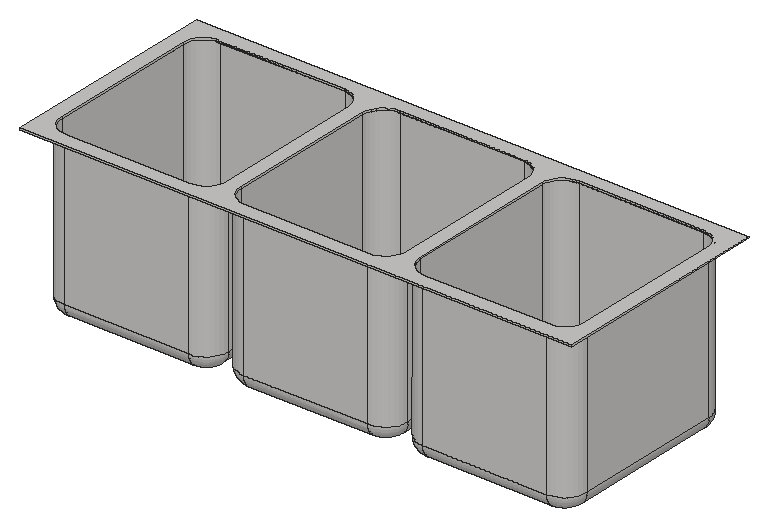
Revit family "QF_Vollrath_12123-2", category Specialty Equipment, Revit 2016
Family settings
  Part Type = Normal
  Round Connector Dimension = Use Diameter
  OmniClass Number = 23.40.40.14.31
  OmniClass Title = Cleaning and Disposal Equipment
  Work Plane-Based = Yes
  Always vertical = Yes
  Cut with Voids When Loaded = No
  Shared = No
  Room Calculation Point = No
Parameters
  Width = 3' - 4"
  Weight in Pounds = 0
  Watermarked By = "http://revitwatermark.com"
  URL Cutsheet = ""
  Status [instance] = ""
  Specification by User [instance] = ""
  Specification by Manufacturer [instance] = ""
  Sink Width = 3' - 2"
  Sink Depth = 1' - 2"
  Sink Basin Depth = 1' - 0"
  Serial Number [instance] = ""
  Seismic Rating [instance] = ""
  SMACNA No [instance] = ""
  Revision Code [instance] = ""
  NAFEM Spec ID Number [instance] = ""
  Model = "12123-2"
  Masterspec [instance] = ""
  Manufacturer = "Vollrath"
  Item Number [instance] = "-"
  Installed By [instance] = ""
  Indirect Waste Size = 2"
  Indirect Waste Flow [instance] = 0.00 GPM
  Indirect Waste Connection Type [instance] = ""
  Indirect Waste Connection Height [instance] = 0' - 0"
  Furnished By [instance] = ""
  Foodservice Equipment Identifier [instance] = yes
  Description = "Undermount Sink"  # constant formula
  Depth = 1' - 4"
  Default Elevation = 4' - 0"
  CSI MasterFormat = ""
Reference planes (in)
  plane 1 "BACK": y = 0
  plane 2 "BOTTOM": z = 0
  plane 3 "LEFT": x = 0
  plane 4 "RIGHT": x = 40
  plane 5 "FRONT": y = -16
  plane 6: x = 20
  plane 7: y = -8
  plane 8: y = -1
  plane 9: y = -15
  plane 10: x = 1
  plane 11: x = 39
  plane 12 "Sink Bottom": z = -12
  plane 13: x = 7
  plane 14: x = 33
  plane 15: x = 13
  plane 16: x = 14
  plane 17: x = 27
  plane 18: x = 26
  plane 19: y = -5.6875
Forms (in)
  Extrusion 1, solid, material "QF_Finishes_Stainless Steel"
    sketch origin (0, 0, 0) x (1, 0, 0) y (0, 1, 0)
      loop
        arc (1, -13.5) -> (1.43934, -14.56066) -> (2.5, -15) r 1.5
        line (2.5, -15) -> (11.5, -15)
        arc (11.5, -15) -> (12.56066, -14.56066) -> (13, -13.5) r 1.5
        line (13, -13.5) -> (13, -2.5)
        arc (13, -2.5) -> (12.56066, -1.43934) -> (11.5, -1) r 1.5
        line (11.5, -1) -> (2.5, -1)
        arc (2.5, -1) -> (1.43934, -1.43934) -> (1, -2.5) r 1.5
        line (1, -2.5) -> (1, -13.5)
      loop
        arc (39, -2.5) -> (38.56066, -1.43934) -> (37.5, -1) r 1.5
        line (37.5, -1) -> (28.5, -1)
        arc (28.5, -1) -> (27.43934, -1.43934) -> (27, -2.5) r 1.5
        line (27, -2.5) -> (27, -13.5)
        arc (27, -13.5) -> (27.43934, -14.56066) -> (28.5, -15) r 1.5
        line (28.5, -15) -> (37.5, -15)
        arc (37.5, -15) -> (38.56066, -14.56066) -> (39, -13.5) r 1.5
        line (39, -13.5) -> (39, -2.5)
      loop
        line (0, -16) -> (40, -16) -> (40, 0) -> (0, 0) -> (0, -16)
      loop
        arc (26, -2.5) -> (25.56066, -1.43934) -> (24.5, -1) r 1.5
        line (24.5, -1) -> (15.5, -1)
        arc (15.5, -1) -> (14.43934, -1.43934) -> (14, -2.5) r 1.5
        line (14, -2.5) -> (14, -13.5)
        arc (14, -13.5) -> (14.43934, -14.56066) -> (15.5, -15) r 1.5
        line (15.5, -15) -> (24.5, -15)
        arc (24.5, -15) -> (25.56066, -14.56066) -> (26, -13.5) r 1.5
        line (26, -13.5) -> (26, -2.5)
    from 0 to 0.125
  Sweep 2, solid, material "QF_Finishes_Stainless Steel"
    path in 3D
      loop
        arc (11.5, -1, 0.125) -> (12.56066, -1.43934, 0.125) -> (13, -2.5, 0.125) r 1.5
        line (13, -2.5, 0.125) -> (13, -13.5, 0.125)
        arc (13, -13.5, 0.125) -> (12.56066, -14.56066, 0.125) -> (11.5, -15, 0.125) r 1.5
        line (11.5, -15, 0.125) -> (2.5, -15, 0.125)
        arc (2.5, -15, 0.125) -> (1.43934, -14.56066, 0.125) -> (1, -13.5, 0.125) r 1.5
        line (1, -13.5, 0.125) -> (1, -2.5, 0.125)
        arc (1, -2.5, 0.125) -> (1.43934, -1.43934, 0.125) -> (2.5, -1, 0.125) r 1.5
        line (2.5, -1, 0.125) -> (11.5, -1, 0.125)
    profile origin (7, -1, 0.125) x (0, 1, 0) y (0, 0, 1)
      loop
        line (0.125, -0.125) -> (0, -0.125) -> (0, -11)
        arc (0, -11) -> (-0.29289, -11.70711) -> (-1, -12) r 1
        line (-1, -12) -> (-1, -12.125)
        arc (-1, -12.125) -> (-0.2045, -11.7955) -> (0.125, -11) r 1.125
        line (0.125, -11) -> (0.125, -0.125)
  Sweep 3, solid, material "QF_Finishes_Stainless Steel"
    path in 3D
      loop
        arc (24.5, -1, 0.125) -> (25.56066, -1.43934, 0.125) -> (26, -2.5, 0.125) r 1.5
        line (26, -2.5, 0.125) -> (26, -13.5, 0.125)
        arc (26, -13.5, 0.125) -> (25.56066, -14.56066, 0.125) -> (24.5, -15, 0.125) r 1.5
        line (24.5, -15, 0.125) -> (15.5, -15, 0.125)
        arc (15.5, -15, 0.125) -> (14.43934, -14.56066, 0.125) -> (14, -13.5, 0.125) r 1.5
        line (14, -13.5, 0.125) -> (14, -2.5, 0.125)
        arc (14, -2.5, 0.125) -> (14.43934, -1.43934, 0.125) -> (15.5, -1, 0.125) r 1.5
        line (15.5, -1, 0.125) -> (24.5, -1, 0.125)
    profile origin (20, -1, 0.125) x (0, 1, 0) y (0, 0, 1)
      loop
        line (0.125, -0.125) -> (0, -0.125) -> (0, -11)
        arc (0, -11) -> (-0.29289, -11.70711) -> (-1, -12) r 1
        line (-1, -12) -> (-1, -12.125)
        arc (-1, -12.125) -> (-0.2045, -11.7955) -> (0.125, -11) r 1.125
        line (0.125, -11) -> (0.125, -0.125)
  Sweep 4, solid, material "QF_Finishes_Stainless Steel"
    path in 3D
      loop
        arc (37.5, -1, 0.125) -> (38.56066, -1.43934, 0.125) -> (39, -2.5, 0.125) r 1.5
        line (39, -2.5, 0.125) -> (39, -13.5, 0.125)
        arc (39, -13.5, 0.125) -> (38.56066, -14.56066, 0.125) -> (37.5, -15, 0.125) r 1.5
        line (37.5, -15, 0.125) -> (28.5, -15, 0.125)
        arc (28.5, -15, 0.125) -> (27.43934, -14.56066, 0.125) -> (27, -13.5, 0.125) r 1.5
        line (27, -13.5, 0.125) -> (27, -2.5, 0.125)
        arc (27, -2.5, 0.125) -> (27.43934, -1.43934, 0.125) -> (28.5, -1, 0.125) r 1.5
        line (28.5, -1, 0.125) -> (37.5, -1, 0.125)
    profile origin (33, -1, 0.125) x (0, 1, 0) y (0, 0, 1)
      loop
        line (0.125, -0.125) -> (0, -0.125) -> (0, -11)
        arc (0, -11) -> (-0.29289, -11.70711) -> (-1, -12) r 1
        line (-1, -12) -> (-1, -12.125)
        arc (-1, -12.125) -> (-0.2045, -11.7955) -> (0.125, -11) r 1.125
        line (0.125, -11) -> (0.125, -0.125)
  Extrusion 5, solid, material "QF_Finishes_Stainless Steel"
    sketch origin (0, 0, -12) x (-1, 0, 0) y (0, -1, 0)
      loop
        line (-2.5, 14) -> (-11.5, 14)
        arc (-11.5, 14) -> (-11.85355, 13.85355) -> (-12, 13.5) r 0.5
        line (-12, 13.5) -> (-12, 2.5)
        arc (-12, 2.5) -> (-11.85355, 2.14645) -> (-11.5, 2) r 0.5
        line (-11.5, 2) -> (-2.5, 2)
        arc (-2.5, 2) -> (-2.14645, 2.14645) -> (-2, 2.5) r 0.5
        line (-2, 2.5) -> (-2, 13.5)
        arc (-2, 13.5) -> (-2.14645, 13.85355) -> (-2.5, 14) r 0.5
      loop
        line (-15, 2.5) -> (-15, 13.5)
        arc (-15, 13.5) -> (-15.14645, 13.85355) -> (-15.5, 14) r 0.5
        line (-15.5, 14) -> (-24.5, 14)
        arc (-24.5, 14) -> (-24.85355, 13.85355) -> (-25, 13.5) r 0.5
        line (-25, 13.5) -> (-25, 2.5)
        arc (-25, 2.5) -> (-24.85355, 2.14645) -> (-24.5, 2) r 0.5
        line (-24.5, 2) -> (-15.5, 2)
        arc (-15.5, 2) -> (-15.14645, 2.14645) -> (-15, 2.5) r 0.5
      loop
        line (-28, 2.5) -> (-28, 13.5)
        arc (-28, 13.5) -> (-28.14645, 13.85355) -> (-28.5, 14) r 0.5
        line (-28.5, 14) -> (-37.5, 14)
        arc (-37.5, 14) -> (-37.85355, 13.85355) -> (-38, 13.5) r 0.5
        line (-38, 13.5) -> (-38, 2.5)
        arc (-38, 2.5) -> (-37.85355, 2.14645) -> (-37.5, 2) r 0.5
        line (-37.5, 2) -> (-28.5, 2)
        arc (-28.5, 2) -> (-28.14645, 2.14645) -> (-28, 2.5) r 0.5
      loop
        circle (-33, 5.6875) r 1.75
      loop
        circle (-20, 5.6875) r 1.75
      loop
        circle (-7, 5.6875) r 1.75
    from 0 to 0.125
Lines and regions (in)
  sketch lines
    curve 1: line (2.5, -1, 0.125) -> (11.5, -1, 0.125)
    curve 2: arc (2.5, -1, 0.125) -> (1.43934, -1.43934, 0.125) -> (1, -2.5, 0.125) r 1.5
    curve 3: line (1, -13.5, 0.125) -> (1, -2.5, 0.125)
    curve 4: arc (1, -13.5, 0.125) -> (1.43934, -14.56066, 0.125) -> (2.5, -15, 0.125) r 1.5
    curve 5: line (11.5, -15, 0.125) -> (2.5, -15, 0.125)
    curve 6: arc (11.5, -15, 0.125) -> (12.56066, -14.56066, 0.125) -> (13, -13.5, 0.125) r 1.5
    curve 7: line (13, -2.5, 0.125) -> (13, -13.5, 0.125)
    curve 8: arc (13, -2.5, 0.125) -> (12.56066, -1.43934, 0.125) -> (11.5, -1, 0.125) r 1.5
    curve 9: line (15.5, -1, 0.125) -> (24.5, -1, 0.125)
    curve 10: arc (15.5, -1, 0.125) -> (14.43934, -1.43934, 0.125) -> (14, -2.5, 0.125) r 1.5
    curve 11: line (14, -13.5, 0.125) -> (14, -2.5, 0.125)
    curve 12: arc (14, -13.5, 0.125) -> (14.43934, -14.56066, 0.125) -> (15.5, -15, 0.125) r 1.5
    curve 13: line (24.5, -15, 0.125) -> (15.5, -15, 0.125)
    curve 14: arc (24.5, -15, 0.125) -> (25.56066, -14.56066, 0.125) -> (26, -13.5, 0.125) r 1.5
    curve 15: line (26, -2.5, 0.125) -> (26, -13.5, 0.125)
    curve 16: arc (26, -2.5, 0.125) -> (25.56066, -1.43934, 0.125) -> (24.5, -1, 0.125) r 1.5
    curve 17: line (28.5, -1, 0.125) -> (37.5, -1, 0.125)
    curve 18: arc (28.5, -1, 0.125) -> (27.43934, -1.43934, 0.125) -> (27, -2.5, 0.125) r 1.5
    curve 19: line (27, -13.5, 0.125) -> (27, -2.5, 0.125)
    curve 20: arc (27, -13.5, 0.125) -> (27.43934, -14.56066, 0.125) -> (28.5, -15, 0.125) r 1.5
    curve 21: line (37.5, -15, 0.125) -> (28.5, -15, 0.125)
    curve 22: arc (37.5, -15, 0.125) -> (38.56066, -14.56066, 0.125) -> (39, -13.5, 0.125) r 1.5
    curve 23: line (39, -2.5, 0.125) -> (39, -13.5, 0.125)
    curve 24: arc (39, -2.5, 0.125) -> (38.56066, -1.43934, 0.125) -> (37.5, -1, 0.125) r 1.5
  symbolic lines
    curve 25: line (0, 0, -12) -> (40, 0, -12)
    curve 26: line (0, -16, -12) -> (0, 0, -12)
    curve 27: line (40, -16, -12) -> (0, -16, -12)
    curve 28: line (40, 0, -12) -> (40, -16, -12)
  symbolic lines, style "QF_Surface Details"
    curve 29: circle (7, -5.6875, -12) r 1.75 normal (0, 0, -1)
    curve 30: circle (20, -5.6875, -12) r 1.75 normal (0, 0, -1)
    curve 31: circle (33, -5.6875, -12) r 1.75 normal (0, 0, -1)
    curve 32: line (11.5, -1, -12) -> (2.5, -1, -12)
    curve 33: arc (1, -2.5, -12) -> (1.43934, -1.43934, -12) -> (2.5, -1, -12) r 1.5
    curve 34: line (1, -2.5, -12) -> (1, -13.5, -12)
    curve 35: arc (2.5, -15, -12) -> (1.43934, -14.56066, -12) -> (1, -13.5, -12) r 1.5
    curve 36: line (2.5, -15, -12) -> (11.5, -15, -12)
    curve 37: arc (13, -13.5, -12) -> (12.56066, -14.56066, -12) -> (11.5, -15, -12) r 1.5
    curve 38: line (13, -13.5, -12) -> (13, -2.5, -12)
    curve 39: arc (11.5, -1, -12) -> (12.56066, -1.43934, -12) -> (13, -2.5, -12) r 1.5
    curve 40: arc (14, -2.5, -12) -> (14.43934, -1.43934, -12) -> (15.5, -1, -12) r 1.5
    curve 41: line (24.5, -1, -12) -> (15.5, -1, -12)
    curve 42: line (14, -2.5, -12) -> (14, -13.5, -12)
    curve 43: arc (15.5, -15, -12) -> (14.43934, -14.56066, -12) -> (14, -13.5, -12) r 1.5
    curve 44: line (15.5, -15, -12) -> (24.5, -15, -12)
    curve 45: arc (26, -13.5, -12) -> (25.56066, -14.56066, -12) -> (24.5, -15, -12) r 1.5
    curve 46: line (26, -13.5, -12) -> (26, -2.5, -12)
    curve 47: arc (24.5, -1, -12) -> (25.56066, -1.43934, -12) -> (26, -2.5, -12) r 1.5
    curve 48: arc (27, -2.5, -12) -> (27.43934, -1.43934, -12) -> (28.5, -1, -12) r 1.5
    curve 49: line (37.5, -1, -12) -> (28.5, -1, -12)
    curve 50: line (27, -2.5, -12) -> (27, -13.5, -12)
    curve 51: arc (28.5, -15, -12) -> (27.43934, -14.56066, -12) -> (27, -13.5, -12) r 1.5
    curve 52: line (28.5, -15, -12) -> (37.5, -15, -12)
    curve 53: arc (39, -13.5, -12) -> (38.56066, -14.56066, -12) -> (37.5, -15, -12) r 1.5
    curve 54: line (39, -13.5, -12) -> (39, -2.5, -12)
    curve 55: arc (37.5, -1, -12) -> (38.56066, -1.43934, -12) -> (39, -2.5, -12) r 1.5
Dimensions and locks (in)
  "Width": plane 3 "LEFT" to plane 4 "RIGHT"
  "Depth": plane 5 "FRONT" to plane 1 "BACK"
  "Sink Depth": plane 8 to plane 9
  equal spacing: plane 3 "LEFT", plane 6, plane 4 "RIGHT"
  equal spacing: plane 10, plane 6, plane 11
  "Sink Width": plane 10 to plane 11
  "Sink Basin Depth": level to plane 12 "Sink Bottom"
  equal spacing: plane 8, plane 7, plane 9
  plane 1 "BACK" to plane 8 = 0' - 1"
  plane 9 to plane 5 "FRONT" = 0' - 1"
  locked: plane 3 "LEFT" to plane 10 at 1
  plane 11 to plane 4 "RIGHT" = 0' - 1"
  equal spacing: plane 10, plane 13, plane 15
  equal spacing: plane 17, plane 14, plane 11
  equal spacing: plane 16, plane 6, plane 18
  plane 15 to plane 16 = 0' - 1"
  plane 18 to plane 17 = 0' - 1"
  plane 8 to plane 19 = 0' - 4 11/16"
  aligned and locked: level to plane 2 "BOTTOM"
  aligned and locked: Extrusion 1 sketch curve to plane 3 "LEFT"
  aligned and locked: plane 5 "FRONT" to Extrusion 1 sketch curve
  aligned and locked: plane 4 "RIGHT" to Extrusion 1 sketch curve
  aligned and locked: Extrusion 1 sketch curve to plane 1 "BACK"
  aligned and locked: Extrusion 5 sketch curve to Sweep 2  (x4)
  aligned and locked: Extrusion 5 sketch curve to Sweep 3  (x4)
  aligned and locked: Extrusion 5 sketch curve to Sweep 4  (x4)
Automatic sketch dimensions
  Extrusion 1 sketch curve to plane 9 = 0' - 0"  (x3)
  Extrusion 1 sketch curve to plane 8 = 0' - 0"  (x3)
  Extrusion 1 sketch curve to Extrusion 1 sketch curve = 0' - 1 1/2"  (x5)
  plane 10 to Extrusion 1 sketch curve = 0' - 1 1/2"
  Extrusion 1 sketch curve to plane 6 = 0' - 8 1/2"  (x2)
  Extrusion 1 sketch curve to Extrusion 1 sketch curve = 0' - 1"  (x2)
  plane 6 to Extrusion 1 sketch curve = 0' - 4 1/2"  (x2)
  plane 9 to Extrusion 1 sketch curve = 0' - 1 1/2"
  Extrusion 1 sketch curve to plane 8 = 0' - 1 1/2"
  Extrusion 1 sketch curve to plane 11 = 0' - 1 1/2"  (x2)
  Extrusion 1 sketch curve to plane 10 = 0' - 0"
  Extrusion 1 sketch curve to plane 11 = 0' - 0"
  Sweep 2 sketch curve to Sweep 2 sketch curve = 0' - 0"  (x2)
  Sweep 2 sketch curve to profile plane = 0' - 0"
  profile plane to Sweep 2 sketch curve = 0' - 1"
  Sweep 2 sketch curve to Sweep 2 sketch curve = 0' - 0 1/8"
  Sweep 2 sketch curve to profile plane = 0' - 0 1/8"
  Sweep 2 sketch curve to Sweep 2 sketch curve = 0' - 10 7/8"
  Sweep 3 sketch curve to Sweep 3 sketch curve = 0' - 0"
  Sweep 3 sketch curve to profile plane = 0' - 0"
  profile plane to Sweep 3 sketch curve = 0' - 1"
  Sweep 3 sketch curve to Sweep 3 sketch curve = 0' - 0 1/8"
  Sweep 3 sketch curve to profile plane = 1' - 0 1/8"
  Sweep 3 sketch curve to profile plane = 0' - 0 1/8"
  Sweep 4 sketch curve to Sweep 4 sketch curve = 0' - 0"
  Sweep 4 sketch curve to profile plane = 0' - 0"
  profile plane to Sweep 4 sketch curve = 0' - 1"
  Sweep 4 sketch curve to Sweep 4 sketch curve = 0' - 0 1/8"
  Sweep 4 sketch curve to profile plane = 1' - 0 1/8"
  Sweep 4 sketch curve to profile plane = 0' - 0 1/8"
  plane 7 to Extrusion 5 sketch curve = 0' - 2 5/16"  (x3)
  Extrusion 5 sketch curve to plane 14 = 0' - 0"
  Extrusion 5 sketch curve to plane 6 = 0' - 0"
  Extrusion 5 sketch curve to plane 13 = 0' - 0"
  Extrusion 5 sketch curve to Extrusion 5 sketch curve = 0' - 0 1/2"  (x12)
  plane 1 "BACK" to curve 25 = 0' - 0"
  curve 25 to plane 4 "RIGHT" = 0' - 0"
  curve 31 to plane 14 = 0' - 0"
  curve 30 to plane 6 = 0' - 0"
  curve 29 to plane 13 = 0' - 0"
  curve 26 to plane 3 "LEFT" = 0' - 0"
  curve 31 to plane 19 = 0' - 0"
  curve 29 to plane 19 = 0' - 0"
  curve 30 to plane 19 = 0' - 0"
  plane 5 "FRONT" to curve 27 = 0' - 0"
  curve 32 to plane 8 = 0' - 0"
  curve 33 to plane 10 = 0' - 0"
  curve 33 to plane 8 = 0' - 1 1/2"
  plane 9 to curve 34 = 0' - 1 1/2"
  curve 35 to plane 9 = 0' - 0"
  curve 36 to plane 15 = 0' - 1 1/2"
  curve 37 to plane 15 = 0' - 0"
  curve 38 to plane 8 = 0' - 1 1/2"
  curve 41 to plane 8 = 0' - 0"
  curve 40 to plane 16 = 0' - 0"
  plane 16 to curve 40 = 0' - 1 1/2"
  curve 38 to curve 42 = 0' - 0"
  curve 43 to plane 9 = 0' - 0"
  curve 44 to plane 18 = 0' - 1 1/2"
  curve 45 to plane 18 = 0' - 0"
  curve 46 to plane 8 = 0' - 1 1/2"
  curve 49 to plane 8 = 0' - 0"
  curve 48 to plane 17 = 0' - 0"
  plane 17 to curve 49 = 0' - 1 1/2"
  curve 45 to curve 50 = 0' - 0"
  curve 51 to plane 9 = 0' - 0"
  curve 52 to plane 11 = 0' - 1 1/2"
  curve 53 to plane 11 = 0' - 0"
  curve 54 to plane 8 = 0' - 1 1/2"
  radius of Extrusion 5 sketch curve = 0' - 1 3/4"  (x3)
  radius of curve 29 = 0' - 1 3/4"
  radius of curve 30 = 0' - 1 3/4"
  radius of curve 31 = 0' - 1 3/4"
Connectors (in)
  piping at (7, -5.6875, -12), diameter 2, driven by "Indirect Waste Flow"
    settings: on Extrusion 5, index 1, connector inside diameter 2", connector length 0' - 0", flow factor 0, pipe flow 0.00 GPM, pressure drop 0.00 psi, fitting loss kfactor 0, connector angle 0.00°, fixture units 0, engagement length 0' - 0", angle of deflection 0.00°, flow configuration 1, flow direction 2, fitting loss method 0, system type 16, joint type 0, gender type 0, connector reference index -1, connector utility 0, adjustable connector no, is connector primary yes, connector description "IW"
  piping at (20, -5.6875, -12), diameter 2, driven by "Indirect Waste Flow"
    settings: on Extrusion 5, index 2, connector inside diameter 2", connector length 0' - 0", flow factor 0, pipe flow 0.00 GPM, pressure drop 0.00 psi, fitting loss kfactor 0, connector angle 0.00°, fixture units 0, engagement length 0' - 0", angle of deflection 0.00°, flow configuration 1, flow direction 2, fitting loss method 0, system type 16, joint type 0, gender type 0, connector reference index -1, connector utility 0, adjustable connector no, is connector primary no, connector description "IW"
  piping at (33, -5.6875, -12), diameter 2, driven by "Indirect Waste Flow"
    settings: on Extrusion 5, index 3, connector inside diameter 2", connector length 0' - 0", flow factor 0, pipe flow 0.00 GPM, pressure drop 0.00 psi, fitting loss kfactor 0, connector angle 0.00°, fixture units 0, engagement length 0' - 0", angle of deflection 0.00°, flow configuration 1, flow direction 2, fitting loss method 0, system type 16, joint type 0, gender type 0, connector reference index -1, connector utility 0, adjustable connector no, is connector primary no, connector description "IW"
